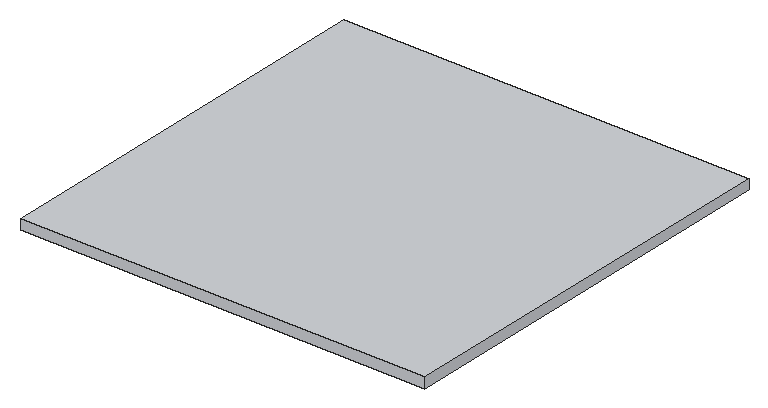
Revit family "8647700", category Aparatos sanitarios, Revit 2017
Family settings
  Anfitrión = Cara
  Cota de conector redondo = Diámetro de uso
  Tipo de pieza = Normal
  Número OmniClass = 23.45.55.14
  Título OmniClass = Single Faucets
  Corte con vacíos al cargar = No
  Compartido = No
  Punto de cálculo de habitación = No
Parameters (values of type "8647700")
  URL = "http://www.griferiasgalindo.com/bidet/theo/grifo-de-bidet-con-ducha-1-agua-theo?c=es"
  Teléfono = "(+34) 915 782 575"
  TIPO DE AGUA = "Fria/Caliente"
  REFERENCIA = "8647700"
  Presión Máxima = "8 bar"
  PESO BRUTO = "0.90 Kg"
  Modelo = "GRIFO DE BIDET CON DUCHA 1 AGUA\r\nBIDET CON DUCHA 1 AGUA"
  Material = LATON CROMADO
  Imagen de tipo = <Ninguno>
  Fabricante = "PRESTO IBÉRICA"
  Default Elevation = 1219.2 mm
  ENTRADA = "Macho 1/2\""
  Descripción = "Grupo ducha bidet"
  Código de montaje = "C1030220"
  Contacto = "info@prestoiberica.com"
  Conexión AF = yes
  Conexión AC = yes
  Comentarios de tipo = "Montura cerámica."
  CIERRE = "Manual"
  CAUDAL = "9 l/min"
  Accionamiento = "Mediante maneta"
Reference planes
  plane 1 "Centro (Frontal/Posterior)": y = 0
  plane 2: z = 0
  plane 3 "Centro (Izquierda/Derecha)": x = 0
Forms (mm)
  Extrusion 1, solid
    sketch origin (0, 0, 0) x (1, 0, 0) y (0, 1, 0)
      loop
        line (-100, 100) -> (-100, -100) -> (100, -100) -> (100, 100) -> (-100, 100)
    from 0 to -5
Dimensions and locks
  Extrusion 1 sketch curve to plane 1 "Centro (Frontal/Posterior)" = 100 mm
  aligned and locked: plane 2 to Extrusion 1
  aligned and locked: level to Extrusion 1
Connectors
  piping at (0, 0, -8.3), diameter 12.7
    settings: on import instance, index 1, connector inside diameter 609.6 mm, connector length 0 mm, flow factor 0, pipe flow 0.0 L/s, pressure drop 0.0 Pa, fitting loss kfactor 0, connector angle 0.00°, fixture units 0, engagement length 0 mm, angle of deflection 0.00°, flow configuration 0, flow direction 1, fitting loss method 0, system type 7, joint type 0, gender type 0, connector reference index -1, connector utility 0, adjustable connector no, is connector primary yes, connector description ""
